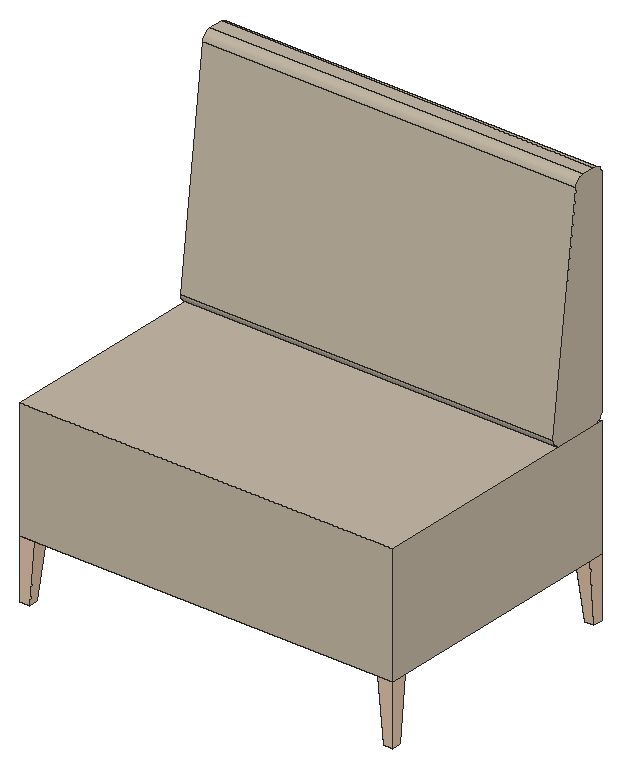
Revit family "FU_Chair_Sandler_LINEAR 1-1", category Furniture, Revit 2020
Family settings
  OmniClass Number = 23.21.23.15.17
  Work Plane-Based = Yes
  Always vertical = No
  Cut with Voids When Loaded = No
  Shared = No
  Room Calculation Point = No
Parameters (values of type "LINEAR 1.1")
  Youtube clip = ""
  Uniformat II Description = "Movable Furnishings"
  Uniformat II Code = ""
  Uniclass 2015 Name = ""
  Uniclass 2015 Code = ""
  Uniclass 2.0 Description = ""
  Uniclass 2.0 Code = ""
  Uniclass 1.4 Description = ""
  Uniclass 1.4 Code = ""
  UNSPSC Code = ""
  Technical description = ""
  Shell Material = Fabric - Mainline Flax - Upminster MLF20
  Frame Material = Wood - Beech - Timber
  Region South America = "All"
  Region Oceania = "All"
  Region North America = "All"
  Region Middle East = "All"
  Region Europe = "All"
  Region Asia = "All"
  Region Antarctica = "All"
  Region Africa = "All"
  QR code = "https://www.sandlerseating.com/product/linear-1-1/"
  Product url = "https://www.sandlerseating.com/product/linear-1-1/"
  Product name = "LINEAR 1.1"
  Product group = "Chair"
  Product family = "Furniture"
  Product data url = "https://www.sandlerseating.com/product/linear-1-1/"
  Product certification = ""
  Product SKU = "??"
  Product Guid = "??"
  OmniClass Description = ""
  OmniClass Code = "23-21 23 15 17"
  NBS Reference Description = ""
  NBS Reference Code = ""
  Model = "LINEAR 1.1"
  Masterformat 2014 Description = "Chair Mats"
  Masterformat 2014 Code = "12 48 43.13"
  Manufacturer name = "Sandler"
  Manufacturer country = "USA"
  Manufacturer = "Sandler"
  Installation instructions = ""
  IFC Classification = "Furnishing Element"
  GTIN code = ""
  Edition number = 1
  Design country = "Brasil"
  Description = "Chair"
  Default Elevation = 0.000 mm
  Date of publishing = ""
  COBIe Type Category = ""
  Brand url = "https://www.sandlerseating.com/"
  BIMobject main category code = "furniture"
  BIMobject main category = "Furniture"
  BIMobject category code = "furniture-chair"
  BIMobject category = "Chair"
Reference planes
  plane 1 "Center Front/Back": y = 0
  plane 2: z = 0
  plane 3 "Center Left/Right": x = 0
Forms (mm)
  Extrusion 1, solid, material "Fabric - Mainline Flax - Upminster MLF20" <- "Shell Material"
    sketch origin (0, 0, 20) x (0, -1, 0) y (0, 0, 1)
      loop
        line (-350, 460) -> (-350, 140) -> (350, 140) -> (350, 460) -> (-350, 460)
    from -500 to 500
  Extrusion 2, solid, material "Fabric - Mainline Flax - Upminster MLF20" <- "Shell Material"
    sketch origin (0, 0, 0) x (0, -1, 0) y (0, 0, 1)
      loop
        line (-350, 1075) -> (-350, 505)
        arc (-350, 505) -> (-342.678, 487.322) -> (-325, 480) r 25
        line (-325, 480) -> (-212.693, 480)
        arc (-212.693, 480) -> (-195.811, 486.561) -> (-187.79, 502.799) r 25
        line (-187.79, 502.799) -> (-262.598, 1078.223)
        arc (-262.598, 1078.223) -> (-270.891, 1093.783) -> (-287.39, 1100) r 25
        line (-287.39, 1100) -> (-325, 1100)
        arc (-325, 1100) -> (-342.678, 1092.678) -> (-350, 1075) r 25
    from -500 to 500
  Blend 3, solid, material "Wood - Beech - Timber" <- "Frame Material"
    base sketch origin (0, 0, 840) x (0, 1, 0) y (-1, 0, 0)
      loop
        line (-350, 500) -> (-350, 460) -> (-310, 460) -> (-310, 500) -> (-350, 500)
    top sketch origin (0, 0, 840) x (0, 1, 0) y (-1, 0, 0)
      loop
        line (-350, 500) -> (-350, 475) -> (-325, 475) -> (-325, 500) -> (-350, 500)
    from -680 to -840
  Blend 4, solid, material "Wood - Beech - Timber" <- "Frame Material"
    base sketch origin (0, 0, 840) x (0, 1, 0) y (-1, 0, 0)
      loop
        line (-350, -500) -> (-310, -500) -> (-310, -460) -> (-350, -460) -> (-350, -500)
    top sketch origin (0, 0, 840) x (0, 1, 0) y (-1, 0, 0)
      loop
        line (-350, -500) -> (-325, -500) -> (-325, -475) -> (-350, -475) -> (-350, -500)
    from -680 to -840
  Blend 5, solid, material "Wood - Beech - Timber" <- "Frame Material"
    base sketch origin (0, 0, 840) x (0, -1, 0) y (1, 0, 0)
      loop
        line (-350, -500) -> (-310, -500) -> (-310, -460) -> (-350, -460) -> (-350, -500)
    top sketch origin (0, 0, 840) x (0, -1, 0) y (1, 0, 0)
      loop
        line (-350, -500) -> (-325, -500) -> (-325, -475) -> (-350, -475) -> (-350, -500)
    from -680 to -840
  Blend 6, solid, material "Wood - Beech - Timber" <- "Frame Material"
    base sketch origin (0, 0, 840) x (0, -1, 0) y (1, 0, 0)
      loop
        line (-350, 500) -> (-350, 460) -> (-310, 460) -> (-310, 500) -> (-350, 500)
    top sketch origin (0, 0, 840) x (0, -1, 0) y (1, 0, 0)
      loop
        line (-350, 500) -> (-350, 475) -> (-325, 475) -> (-325, 500) -> (-350, 500)
    from -680 to -840
Dimensions and locks
  aligned and locked: level to plane 2
